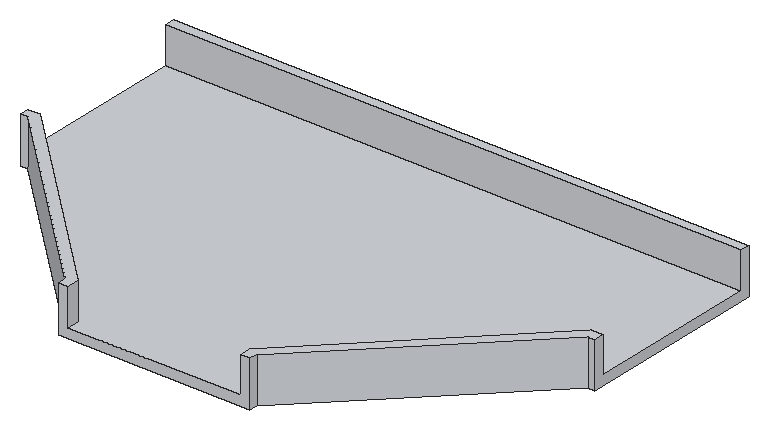
Revit family "Cable Tray Horizontal Tee", category Cable Tray Fittings, Revit 2016
Family settings
  Part Type = Channel Tee
  Round Connector Dimension = Use Diameter
  OmniClass Number = 23.80.30.17.17
  OmniClass Title = Cable Trays and Horizontal Racks
  Work Plane-Based = No
  Always vertical = Yes
  Cut with Voids When Loaded = No
  Shared = No
Parameters (values of type "Standard")
  Tray Width 3 [instance] = 50 mm
  Tray Width 1 [instance] = 50 mm
  Tray Length 2 [instance] = 50 mm
  Tray Length 1 [instance] = 2 mm  # constant formula
  Tray Height [instance] = 12 mm
  built-in parameter 1140111 [instance] = 2.5 mm
  Length 4 [instance] = [built-in parameter 1140111] * tan(22.50°)  # 1.036 mm
  Length 3 [instance] = Tray Width 1 + Tray Length 2  # 100 mm
  Length 1 [instance] = Tray Width 3 + Tray Length 2 * 2  # 150 mm
Reference planes
  plane 1 "Centre (Front/Back)": y = 0
  plane 2: z = 0
  plane 3 "Centre (Left/Right)": x = 0
  plane 4: x = -75
  plane 5: x = 75
  plane 6: y = -75
  plane 7: y = 25
  plane 8: y = -25
  plane 9: x = -25
  plane 10: x = 25
  plane 11: x = -73
  plane 12: x = 73
  plane 13: y = -73
  plane 14: z = -6
  plane 15: z = 6
  plane 16: z = -3.5
  plane 17: y = 22.5
  plane 18: y = -22.5
  plane 19: x = -22.5
  plane 20: x = 22.5
  plane 21: x = -71.964
  plane 22: x = 71.964
  plane 23: y = -71.964
Forms (mm)
  Extrusion 1, solid, detail levels fine
    sketch origin (0, 0, 0) x (1, 0, 0) y (0, 1, 0)
      loop
        line (-73, -25) -> (-25, -73) -> (-25, -75) -> (25, -75) -> (25, -73) -> (73, -25) -> (75, -25) -> (75, 25) -> (-75, 25) -> (-75, -25) -> (-73, -25)
    from -6 to -3.5
  Extrusion 2, solid, detail levels medium
    sketch origin (0, 0, 0) x (1, 0, 0) y (0, 1, 0)
      loop
        line (-73, -25) -> (-25, -73) -> (-25, -75) -> (25, -75) -> (25, -73) -> (73, -25) -> (75, -25) -> (75, 25) -> (-75, 25) -> (-75, -25) -> (-73, -25)
    from -6 to 6
  Extrusion 3, solid, detail levels fine
    sketch origin (0, 0, 0) x (1, 0, 0) y (0, 1, 0)
      loop
        line (-71.964, -22.5) -> (-75, -22.5) -> (-75, -25) -> (-73, -25) -> (-25, -73) -> (-25, -75) -> (-22.5, -75) -> (-22.5, -71.964) -> (-71.964, -22.5)
      loop
        line (71.964, -22.5) -> (22.5, -71.964) -> (22.5, -75) -> (25, -75) -> (25, -73) -> (73, -25) -> (75, -25) -> (75, -22.5) -> (71.964, -22.5)
      loop
        line (-75, 25) -> (-75, 22.5) -> (75, 22.5) -> (75, 25) -> (-75, 25)
    from -3.5 to 6
Cuts and joins
  joined: Extrusion 1, Extrusion 3
Lines and regions (mm)
  model lines, detail levels coarse
    curve 1: line (-75, 0, 0) -> (75, 0, 0)
    curve 2: line (0, 0, 0) -> (0, -75, 0)
Dimensions and locks
  equal spacing: plane 4, plane 3 "Centre (Left/Right)", plane 5
  "Length 1": plane 4 to plane 5
  equal spacing: plane 7, plane 1 "Centre (Front/Back)", plane 8
  "Tray Width 1": plane 7 to plane 8
  "Length 3": plane 7 to plane 6
  equal spacing: plane 9, plane 3 "Centre (Left/Right)", plane 10
  "Tray Width 3": plane 9 to plane 10
  "Tray Length 1": plane 4 to plane 11
  "Tray Length 1": plane 12 to plane 5
  "Tray Length 1": plane 13 to plane 6
  equal spacing: plane 15, plane 2, plane 14
  "Tray Height": plane 15 to plane 14
  "built-in parameter 1140111": plane 16 to plane 14
  "built-in parameter 1140111": plane 7 to plane 17
  "built-in parameter 1140111": plane 18 to plane 8
  "built-in parameter 1140111": plane 9 to plane 19
  "built-in parameter 1140111": plane 20 to plane 10
  "Length 4": plane 11 to plane 21
  "Length 4": plane 22 to plane 12
  "Length 4": plane 23 to plane 13
  aligned and locked: plane 13 to Extrusion 1 sketch curve  (x2)
  aligned and locked: plane 9 to Extrusion 1 sketch curve  (x2)
  aligned and locked: plane 8 to Extrusion 1 sketch curve  (x2)
  aligned and locked: plane 11 to Extrusion 1 sketch curve
  aligned and locked: plane 10 to Extrusion 1 sketch curve  (x2)
  aligned and locked: plane 12 to Extrusion 1 sketch curve
  aligned and locked: plane 4 to Extrusion 1 sketch curve
  aligned and locked: Extrusion 1 sketch curve to plane 8  (x2)
  aligned and locked: Extrusion 1 sketch curve to plane 4
  aligned and locked: Extrusion 1 sketch curve to plane 7
  aligned and locked: plane 7 to Extrusion 1 sketch curve
  aligned and locked: Extrusion 1 sketch curve to plane 5
  aligned and locked: plane 5 to Extrusion 1 sketch curve
  aligned and locked: plane 6 to Extrusion 1 sketch curve  (x2)
  aligned and locked: Extrusion 1 to plane 14
  aligned and locked: plane 16 to Extrusion 1
  aligned and locked: plane 9 to Extrusion 2 sketch curve  (x2)
  aligned and locked: plane 8 to Extrusion 2 sketch curve  (x2)
  aligned and locked: plane 11 to Extrusion 2 sketch curve
  aligned and locked: plane 13 to Extrusion 2 sketch curve  (x2)
  aligned and locked: plane 10 to Extrusion 2 sketch curve  (x2)
  aligned and locked: plane 12 to Extrusion 2 sketch curve
  aligned and locked: plane 4 to Extrusion 2 sketch curve
  aligned and locked: Extrusion 2 sketch curve to plane 8  (x2)
  aligned and locked: Extrusion 2 sketch curve to plane 4
  aligned and locked: plane 5 to Extrusion 2 sketch curve  (x2)
  aligned and locked: Extrusion 2 sketch curve to plane 7
  aligned and locked: plane 7 to Extrusion 2 sketch curve
  aligned and locked: Extrusion 2 sketch curve to plane 6
  aligned and locked: plane 6 to Extrusion 2 sketch curve
  aligned and locked: Extrusion 2 to plane 14
  aligned and locked: plane 15 to Extrusion 2
  aligned and locked: plane 8 to Extrusion 3 sketch curve  (x2)
  aligned and locked: plane 18 to Extrusion 3 sketch curve  (x2)
  aligned and locked: plane 21 to Extrusion 3 sketch curve
  aligned and locked: plane 13 to Extrusion 3 sketch curve  (x2)
  aligned and locked: plane 9 to Extrusion 3 sketch curve  (x2)
  aligned and locked: Extrusion 3 sketch curve to plane 18  (x2)
  aligned and locked: Extrusion 3 sketch curve to plane 4
  aligned and locked: plane 11 to Extrusion 3 sketch curve
  aligned and locked: plane 4 to Extrusion 3 sketch curve  (x2)
  aligned and locked: Extrusion 3 sketch curve to plane 8  (x2)
  aligned and locked: plane 23 to Extrusion 3 sketch curve  (x2)
  aligned and locked: plane 6 to Extrusion 3 sketch curve  (x2)
  aligned and locked: Extrusion 3 sketch curve to plane 19
  aligned and locked: plane 19 to Extrusion 3 sketch curve
  aligned and locked: Extrusion 3 sketch curve to plane 6  (x2)
  aligned and locked: plane 10 to Extrusion 3 sketch curve  (x2)
  aligned and locked: Extrusion 3 sketch curve to plane 5  (x2)
  aligned and locked: Extrusion 3 sketch curve to plane 22
  aligned and locked: plane 12 to Extrusion 3 sketch curve
  aligned and locked: plane 5 to Extrusion 3 sketch curve
  aligned and locked: plane 20 to Extrusion 3 sketch curve
  aligned and locked: Extrusion 3 sketch curve to plane 20
  aligned and locked: plane 17 to Extrusion 3 sketch curve
  aligned and locked: Extrusion 3 sketch curve to plane 7
  aligned and locked: Extrusion 3 to plane 16
  aligned and locked: plane 15 to Extrusion 3
  aligned and locked: plane 4 to curve 1
  aligned and locked: plane 5 to curve 1
  aligned and locked: plane 1 "Centre (Front/Back)" to curve 1
  aligned and locked: plane 6 to curve 2
  aligned and locked: plane 1 "Centre (Front/Back)" to curve 2
  aligned and locked: curve 2 to plane 3 "Centre (Left/Right)"
Connectors
  cabletrayconduit at (-75, 0, 0), diameter 600, driven by "Tray Height", driven by "Tray Width 1"
    settings: on Extrusion 2, index 1, connector width 50 mm, connector height 12 mm, connector angle 0.00°, system type 32, placement type 0, profile type 1, connector reference index 2, is primary connector yes, connector utility param no, connector description ""
  cabletrayconduit at (75, 0, 0), diameter 600, driven by "Tray Height", driven by "Tray Width 1"
    settings: on Extrusion 2, index 2, connector width 50 mm, connector height 12 mm, connector angle 0.00°, system type 32, placement type 0, profile type 1, connector reference index 1, is primary connector no, connector utility param no, connector description ""
  cabletrayconduit at (0, -75, 0), diameter 600, driven by "Tray Height", driven by "Tray Width 3"
    settings: on Extrusion 2, index 3, connector width 50 mm, connector height 12 mm, connector angle 0.00°, system type 32, placement type 0, profile type 1, connector reference index -1, is primary connector no, connector utility param no, connector description ""
